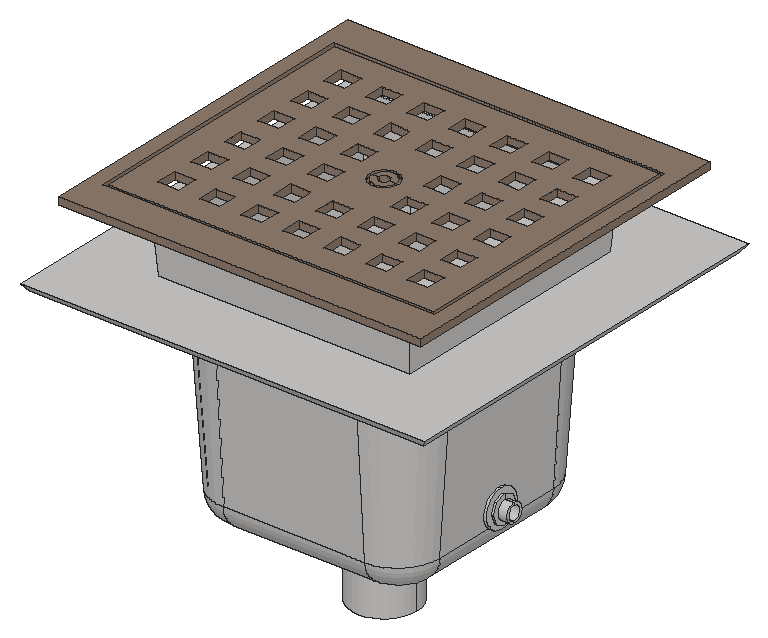
Revit family "xxxFloor_Drain-Can_Washing-J.R_Smith-Sani_Ceptor-3370_Series", category Plumbing Fixtures, Revit 2019
Family settings
  Round Connector Dimension = Use Diameter
  Part Type = Normal
  OmniClass Number = 23.70.50.21.24
  OmniClass Title = Waste Water Drains
  Work Plane-Based = Yes
  Always vertical = No
  Cut with Voids When Loaded = No
  Shared = Yes
  Room Calculation Point = No
Parameters (values of type "3370C02")
  Width = 12 1/2"
  Waste Connection = yes
  WFU = 0
  Vent Connection = no
  URL = "https://www.jrsmith.com/home"
  Tempered Water Connection = yes
  Radius-C = 2"
  Product Page URL = "https://www.jrsmith.com/product.aspx?ProductId=231"
  Product Documentation Link = "https://www.jrsmith.com/uploads/fileLibrary/d3370.pdf"
  Pipe Connection Size = 2"
  PB- Polished Bronze Rim and Grate = no
  NPT Connection Diameter = 1/2"
  Model = "3370C02"
  Material = "Metal-Jay R. Smith-Cast Iron"
  Manufacturer = "Jay R. Smith"
  Length = 12 1/2"
  LXH - Speedi-Set Extra Heavy = no
  L - Speedi-Set Service Weight = no
  Installation Type = "Floor Mounted"
  HWFU = 0
  HW Connection = no
  Finish- Rim and Grate = Metal-Jay R. Smith-Nickel Bronze
  Finish = Metal-Jay R. Smith-Cast Iron
  Description = "Sani-Ceptor® Can Washing Sanitary Floor Drains"
  Default Elevation = 0"
  Creation Date = "07/25/2022"
  Connection Type = "2\" Caulk Outlet Connection"
  CWFU = 0
  CW Connection = no
  C - flashing clamp = no
  Assembly Code = "D2030300"
Types (7): name | Pipe Connection Size | Model | Connection Type
  (no name) | 2" | "3370C02" | "2\" Caulk Outlet Connection"
  3370C02 | 2" | "3370C02" | "2\" Caulk Outlet Connection"
  3370C04 | 4" | "3370C04" | "4\" Caulk Outlet Connection"
  3370Y02 | 2" | "3370Y02" | "2\" No-Hub Outlet Connection"
  3370Y03 | 3" | "3370Y03" | "3\" No-Hub Outlet Connection"
  3370Y04 | 4" | "3370Y04" | "4\" No-Hub Outlet Connection"
  3370C03 | 3" | "3370C03" | "3\" Caulk Outlet Connection"
Reference planes (in)
  plane 1 "Center (Front/Back)": y = 0
  plane 2: z = 0
  plane 3 "Center (Left/Right)": x = 0
  plane 4: x = -6.25
  plane 5: x = 6.25
  plane 6: y = 6.25
  plane 7: y = -6.25
  plane 8: z = -2.375
  plane 9: z = -10
  plane 10: z = -12.75
  plane 11: x = -7
  plane 12: x = 7
  plane 13: y = 7
  plane 14: y = -7
  plane 15: x = -1
  plane 16: x = 1
  plane 17: z = 0.25
Forms (in)
  Sweep 1, solid, material "Metal-Jay R. Smith-Cast Iron" <- "Finish"
    path origin (0, 0, 0) x (1, 0, 0) y (0, 1, 0)
      loop
        line (-6.25, 6.25) -> (-6.25, -6.25) -> (6.25, -6.25) -> (6.25, 6.25) -> (-6.25, 6.25)
    profile origin (-6.25, 0, 0) x (1, 0, 0) y (0, 0, 1)
      loop
        line (2.37622, 0) -> (1.75, 0) -> (1.91608, -2.375) -> (-0.75, -2.375) -> (-0.57495, -2.625) -> (-0.19653, -2.625) -> (0.20556, -2.8125) -> (2.57289, -2.8125) -> (2.37622, 0)
  Extrusion 2, solid, material "Metal-Jay R. Smith-Nickel Bronze" <- "Finish- Rim and Grate"
    sketch origin (0, 0, 0) x (1, 0, 0) y (0, 1, 0)
      loop
        line (-6.25, 6.25) -> (-6.25, -6.25) -> (6.25, -6.25) -> (6.25, 6.25) -> (-6.25, 6.25)
    from 0 to 0.25
  Extrusion 3, void
    sketch origin (0, 0, 0) x (1, 0, 0) y (0, 1, 0)
      loop
        line (-5.75, 5) -> (-5.75, -5) -> (5.75, -5) -> (5.75, 5) -> (-5.75, 5)
      loop
        line (-5.625, 4.875) -> (-5.625, -4.875) -> (5.625, -4.875) -> (5.625, 4.875) -> (-5.625, 4.875)
      loop
        line (-4.67187, 3.95312) -> (-4.67187, 3.23437) -> (-3.95312, 3.23437) -> (-3.95312, 3.95312) -> (-4.67187, 3.95312)
      loop
        line (-3.23437, 3.95312) -> (-3.23437, 3.23437) -> (-2.51562, 3.23437) -> (-2.51562, 3.95312) -> (-3.23437, 3.95312)
      loop
        line (-1.79687, 3.95312) -> (-1.79687, 3.23437) -> (-1.07812, 3.23437) -> (-1.07812, 3.95312) -> (-1.79687, 3.95312)
      loop
        line (2.51563, 3.95312) -> (2.51563, 3.23437) -> (3.23438, 3.23437) -> (3.23438, 3.95312) -> (2.51563, 3.95312)
      loop
        line (1.79688, 3.95312) -> (1.07813, 3.95312) -> (1.07813, 3.23437) -> (1.79688, 3.23437) -> (1.79688, 3.95312)
      loop
        line (0.35938, 3.95312) -> (-0.35937, 3.95312) -> (-0.35937, 3.23437) -> (0.35938, 3.23437) -> (0.35938, 3.95312)
      loop
        line (3.95313, 3.95312) -> (3.95313, 3.23437) -> (4.67188, 3.23437) -> (4.67188, 3.95312) -> (3.95313, 3.95312)
      loop
        line (-4.67187, 2.51562) -> (-4.67187, 1.79687) -> (-3.95312, 1.79687) -> (-3.95312, 2.51562) -> (-4.67187, 2.51562)
      loop
        line (-3.23437, 2.51562) -> (-3.23437, 1.79687) -> (-2.51562, 1.79687) -> (-2.51562, 2.51562) -> (-3.23437, 2.51562)
      loop
        line (-1.79687, 2.51562) -> (-1.79687, 1.79687) -> (-1.07812, 1.79687) -> (-1.07812, 2.51562) -> (-1.79687, 2.51562)
      loop
        line (2.51563, 2.51562) -> (2.51563, 1.79687) -> (3.23438, 1.79687) -> (3.23438, 2.51562) -> (2.51563, 2.51562)
      loop
        line (1.79688, 2.51562) -> (1.07813, 2.51562) -> (1.07813, 1.79687) -> (1.79688, 1.79687) -> (1.79688, 2.51562)
      loop
        line (0.35938, 2.51562) -> (-0.35937, 2.51562) -> (-0.35937, 1.79687) -> (0.35938, 1.79687) -> (0.35938, 2.51562)
      loop
        line (3.95313, 2.51562) -> (3.95313, 1.79687) -> (4.67188, 1.79687) -> (4.67188, 2.51562) -> (3.95313, 2.51562)
      loop
        line (-4.67187, 1.07812) -> (-4.67187, 0.35937) -> (-3.95312, 0.35937) -> (-3.95312, 1.07812) -> (-4.67187, 1.07812)
      loop
        line (-3.23437, 1.07812) -> (-3.23437, 0.35937) -> (-2.51562, 0.35937) -> (-2.51562, 1.07812) -> (-3.23437, 1.07812)
      loop
        line (-1.79687, 1.07812) -> (-1.79687, 0.35937) -> (-1.07812, 0.35937) -> (-1.07812, 1.07812) -> (-1.79687, 1.07812)
      loop
        line (2.51563, 1.07812) -> (2.51563, 0.35937) -> (3.23438, 0.35937) -> (3.23438, 1.07812) -> (2.51563, 1.07812)
      loop
        line (1.79688, 1.07812) -> (1.07813, 1.07812) -> (1.07813, 0.35937) -> (1.79688, 0.35937) -> (1.79688, 1.07812)
      loop
        line (3.95313, 1.07812) -> (3.95313, 0.35937) -> (4.67188, 0.35937) -> (4.67188, 1.07812) -> (3.95313, 1.07812)
      loop
        line (-4.67187, -1.07813) -> (-3.95312, -1.07813) -> (-3.95312, -0.35938) -> (-4.67187, -0.35938) -> (-4.67187, -1.07813)
      loop
        line (-3.23437, -1.07813) -> (-2.51562, -1.07813) -> (-2.51562, -0.35938) -> (-3.23437, -0.35938) -> (-3.23437, -1.07813)
      loop
        line (-1.79687, -1.07813) -> (-1.07812, -1.07813) -> (-1.07812, -0.35938) -> (-1.79687, -0.35938) -> (-1.79687, -1.07813)
      loop
        line (2.51563, -1.07813) -> (3.23438, -1.07813) -> (3.23438, -0.35938) -> (2.51563, -0.35938) -> (2.51563, -1.07813)
      loop
        line (1.79688, -1.07813) -> (1.79688, -0.35938) -> (1.07813, -0.35938) -> (1.07813, -1.07813) -> (1.79688, -1.07813)
      loop
        line (3.95313, -1.07813) -> (4.67188, -1.07813) -> (4.67188, -0.35938) -> (3.95313, -0.35938) -> (3.95313, -1.07813)
      loop
        line (-4.67187, -2.51563) -> (-3.95312, -2.51563) -> (-3.95312, -1.79688) -> (-4.67187, -1.79688) -> (-4.67187, -2.51563)
      loop
        line (-3.23437, -2.51563) -> (-2.51562, -2.51563) -> (-2.51562, -1.79688) -> (-3.23437, -1.79688) -> (-3.23437, -2.51563)
      loop
        line (-1.79687, -2.51563) -> (-1.07812, -2.51563) -> (-1.07812, -1.79688) -> (-1.79687, -1.79688) -> (-1.79687, -2.51563)
      loop
        line (2.51563, -2.51563) -> (3.23438, -2.51563) -> (3.23438, -1.79688) -> (2.51563, -1.79688) -> (2.51563, -2.51563)
      loop
        line (1.79688, -2.51563) -> (1.79688, -1.79688) -> (1.07813, -1.79688) -> (1.07813, -2.51563) -> (1.79688, -2.51563)
      loop
        line (0.35938, -2.51563) -> (0.35938, -1.79688) -> (-0.35937, -1.79688) -> (-0.35937, -2.51563) -> (0.35938, -2.51563)
      loop
        line (3.95313, -2.51563) -> (4.67188, -2.51563) -> (4.67188, -1.79688) -> (3.95313, -1.79688) -> (3.95313, -2.51563)
      loop
        line (-4.67187, -3.23438) -> (-4.67187, -3.95313) -> (-3.95312, -3.95313) -> (-3.95312, -3.23438) -> (-4.67187, -3.23438)
      loop
        line (-3.23437, -3.23438) -> (-3.23437, -3.95313) -> (-2.51562, -3.95313) -> (-2.51562, -3.23438) -> (-3.23437, -3.23438)
      loop
        line (-1.79687, -3.23438) -> (-1.79687, -3.95313) -> (-1.07812, -3.95313) -> (-1.07812, -3.23438) -> (-1.79687, -3.23438)
      loop
        line (2.51563, -3.23438) -> (2.51563, -3.95313) -> (3.23438, -3.95313) -> (3.23438, -3.23438) -> (2.51563, -3.23438)
      loop
        line (1.79688, -3.23438) -> (1.07813, -3.23438) -> (1.07813, -3.95313) -> (1.79688, -3.95313) -> (1.79688, -3.23438)
      loop
        line (0.35938, -3.23438) -> (-0.35937, -3.23438) -> (-0.35937, -3.95313) -> (0.35938, -3.95313) -> (0.35938, -3.23438)
      loop
        line (3.95313, -3.23438) -> (3.95313, -3.95313) -> (4.67188, -3.95313) -> (4.67188, -3.23438) -> (3.95313, -3.23438)
      loop
        circle (0, 0) r 0.5
    from 0 to 0.79251
  Revolve 4, solid, material "Metal-Jay R. Smith-Cast Iron" <- "Finish"
    sketch origin (0, 0, 0) x (1, 0, 0) y (0, 0, 1)
      loop
        line (-1, -10) -> (-1.66553, -10) -> (-1.125, -10.54053) -> (-1.125, -12.75) -> (-1, -12.75) -> (-1, -10)
      axis (0, -10) -> (0, -12.75)
    angle from 0 to 360
  Revolve 5, solid, material "Metal-Jay R. Smith-Cast Iron" <- "Finish"
    sketch origin (-0.05469, 0, -0.38281) x (1, 0, 0) y (0, 0, 1)
      loop
        line (3.67643, -8.38792) -> (3.67643, -8.7814) -> (4.12253, -8.7814) -> (4.12253, -8.6452) -> (4.23004, -8.6452) -> (4.23004, -8.45042) -> (4.55078, -8.45042) -> (4.55078, -8.38792) -> (3.67643, -8.38792)
      axis (3.67643, -8.13792) -> (4.55078, -8.13792)
    angle from 0 to 360
  Extrusion 6, void
    sketch origin (4.17536, 0, -8.52074) x (0, 0, 1) y (0, 1, 0)
      loop
        circle (0, 0) r 0.58387
      loop
        line (0.47748, 0) -> (0.33763, 0.33763) -> (0, 0.47748) -> (-0.33763, 0.33763) -> (-0.47748, 0) -> (-0.33763, -0.33763) -> (0, -0.47748) -> (0.33763, -0.33763) -> (0.47748, 0)
    from 0 to 0.10751
  Sweep 7, solid, material "Metal-Jay R. Smith-Cast Iron" <- "Finish"
    path origin (-3.67711, 3.67711, -2.8125) x (-1, 0, 0) y (0, -1, 0)
      loop
        arc (0.77289, 6.12711) -> (0.1871, 7.54132) -> (-1.22711, 8.12711) r 2
        line (-1.22711, 8.12711) -> (-6.12711, 8.12711)
        arc (-6.12711, 8.12711) -> (-7.54132, 7.54132) -> (-8.12711, 6.12711) r 2
        line (-8.12711, 6.12711) -> (-8.12711, 1.22711)
        arc (-8.12711, 1.22711) -> (-7.54132, -0.1871) -> (-6.12711, -0.77289) r 2
        line (-6.12711, -0.77289) -> (-1.22711, -0.77289)
        arc (-1.22711, -0.77289) -> (0.1871, -0.1871) -> (0.77289, 1.22711) r 2
        line (0.77289, 1.22711) -> (0.77289, 6.12711)
    profile origin (-4.45, 0, -2.8125) x (-1, 0, 0) y (0, 0, 1)
      loop
        arc (-1.55119, -7.1875) -> (-0.86919, -6.91885) -> (-0.55363, -6.25726) r 1
        line (-0.55363, -6.25726) -> (-0.11608, 0) -> (-0.24138, 0) -> (-0.67832, -6.24854)
        arc (-0.67832, -6.24854) -> (-0.95444, -6.82743) -> (-1.55119, -7.0625) r 0.875
        line (-1.55119, -7.0625) -> (-1.73165, -7.0625) -> (-1.73165, -7.1875) -> (-1.55119, -7.1875)
  Extrusion 8, solid, material "Metal-Jay R. Smith-Cast Iron" <- "Finish"
    sketch origin (-2.89881, -2.45, -10) x (1, 0, 0) y (0, -1, 0)
      loop
        arc (0.18046, -4.9) -> (0.25906, -5.08975) -> (0.44881, -5.16835) r 0.26835
        line (0.44881, -5.16835) -> (5.34881, -5.16835)
        arc (5.34881, -5.16835) -> (5.53856, -5.08975) -> (5.61716, -4.9) r 0.26835
        line (5.61716, -4.9) -> (5.61716, 0)
        arc (5.61716, 0) -> (5.53856, 0.18975) -> (5.34881, 0.26835) r 0.26835
        line (5.34881, 0.26835) -> (0.44881, 0.26835)
        arc (0.44881, 0.26835) -> (0.25906, 0.18975) -> (0.18046, 0) r 0.26835
        line (0.18046, 0) -> (0.18046, -4.9)
      loop
        circle (2.89881, -2.45) r 1.66553
    from 0 to -0.125
  Revolve 9, solid, material "Metal-Jay R. Smith-Nickel Bronze" <- "Finish- Rim and Grate"
    sketch origin (0, 0, 0) x (1, 0, 0) y (0, 0, 1)
      loop
        line (-0.51562, 0) -> (-0.18564, 0) -> (-0.18564, 0.25) -> (-0.40625, 0.25) -> (-0.51562, 0.14062) -> (-0.51562, 0)
      axis (0, 0) -> (0, 0.25)
    angle from 0 to 360
Cuts and joins
  Extrusion 3 cuts Sweep 1
  Extrusion 6 cuts Revolve 5
  joined: Revolve 5, Sweep 7, Extrusion 8
  Extrusion 3 cuts Extrusion 2
Lines and regions (in)
  Masking region 1
    outline origin (0, 0, 0) x (1, 0, 0) y (0, 1, 0)
      loop
        line (7, 7) -> (-7, 7) -> (-7, -7) -> (7, -7) -> (7, 7)
  symbolic lines, detail levels medium+fine
    curve 1: line (-4.67187, 3.23437, 0) -> (-4.67187, 3.95312, 0)
    curve 2: line (-4.67187, 3.95312, 0) -> (-3.95312, 3.95312, 0)
    curve 3: line (-3.95312, 3.95312, 0) -> (-3.95312, 3.23437, 0)
    curve 4: line (-3.95312, 3.23437, 0) -> (-4.67187, 3.23437, 0)
    curve 5: line (-3.23437, 3.23437, 0) -> (-3.23437, 3.95312, 0)
    curve 6: line (-3.23437, 3.95312, 0) -> (-2.51562, 3.95312, 0)
    curve 7: line (-2.51562, 3.95312, 0) -> (-2.51562, 3.23437, 0)
    curve 8: line (-2.51562, 3.23437, 0) -> (-3.23437, 3.23437, 0)
    curve 9: line (-1.79687, 3.23437, 0) -> (-1.79687, 3.95312, 0)
    curve 10: line (-1.79687, 3.95312, 0) -> (-1.07812, 3.95312, 0)
    curve 11: line (-1.07812, 3.95312, 0) -> (-1.07812, 3.23437, 0)
    curve 12: line (-1.07812, 3.23437, 0) -> (-1.79687, 3.23437, 0)
    curve 13: line (-0.35937, 3.23437, 0) -> (-0.35937, 3.95312, 0)
    curve 14: line (-0.35937, 3.95312, 0) -> (0.35938, 3.95312, 0)
    curve 15: line (0.35938, 3.95312, 0) -> (0.35938, 3.23437, 0)
    curve 16: line (0.35938, 3.23437, 0) -> (-0.35937, 3.23437, 0)
    curve 17: line (1.07813, 3.23437, 0) -> (1.07813, 3.95312, 0)
    curve 18: line (1.07813, 3.95312, 0) -> (1.79688, 3.95312, 0)
    curve 19: line (1.79688, 3.95312, 0) -> (1.79688, 3.23437, 0)
    curve 20: line (1.79688, 3.23437, 0) -> (1.07813, 3.23437, 0)
    curve 21: line (2.51563, 3.23437, 0) -> (2.51563, 3.95312, 0)
    curve 22: line (2.51563, 3.95312, 0) -> (3.23438, 3.95312, 0)
    curve 23: line (3.23438, 3.95312, 0) -> (3.23438, 3.23437, 0)
    curve 24: line (3.23438, 3.23437, 0) -> (2.51563, 3.23437, 0)
    curve 25: line (3.95313, 3.95312, 0) -> (4.67188, 3.95312, 0)
    curve 26: line (4.67188, 3.95312, 0) -> (4.67188, 3.23437, 0)
    curve 27: line (4.67188, 3.23437, 0) -> (3.95313, 3.23437, 0)
    curve 28: line (3.95313, 3.23437, 0) -> (3.95313, 3.95312, 0)
    curve 29: line (-4.67187, 1.79687, 0) -> (-4.67187, 2.51562, 0)
    curve 30: line (-4.67187, 2.51562, 0) -> (-3.95312, 2.51562, 0)
    curve 31: line (-3.95312, 2.51562, 0) -> (-3.95312, 1.79687, 0)
    curve 32: line (-3.95312, 1.79687, 0) -> (-4.67187, 1.79687, 0)
    curve 33: line (-4.67187, 0.35937, 0) -> (-4.67187, 1.07812, 0)
    curve 34: line (-4.67187, 1.07812, 0) -> (-3.95312, 1.07812, 0)
    curve 35: line (-3.95312, 1.07812, 0) -> (-3.95312, 0.35937, 0)
    curve 36: line (-3.95312, 0.35937, 0) -> (-4.67187, 0.35937, 0)
    curve 37: line (-4.67187, -1.07813, 0) -> (-4.67187, -0.35938, 0)
    curve 38: line (-4.67187, -0.35938, 0) -> (-3.95312, -0.35938, 0)
    curve 39: line (-3.95312, -0.35938, 0) -> (-3.95312, -1.07813, 0)
    curve 40: line (-3.95312, -1.07813, 0) -> (-4.67187, -1.07813, 0)
    curve 41: line (-4.67187, -2.51563, 0) -> (-4.67187, -1.79688, 0)
    curve 42: line (-4.67187, -1.79688, 0) -> (-3.95312, -1.79688, 0)
    curve 43: line (-3.95312, -1.79688, 0) -> (-3.95312, -2.51563, 0)
    curve 44: line (-3.95312, -2.51563, 0) -> (-4.67187, -2.51563, 0)
    curve 45: line (-4.67187, -3.95313, 0) -> (-4.67187, -3.23438, 0)
    curve 46: line (-4.67187, -3.23438, 0) -> (-3.95312, -3.23438, 0)
    curve 47: line (-3.95312, -3.23438, 0) -> (-3.95312, -3.95313, 0)
    curve 48: line (-3.95312, -3.95313, 0) -> (-4.67187, -3.95313, 0)
    curve 49: line (-3.23437, -3.23438, 0) -> (-2.51562, -3.23438, 0)
    curve 50: line (-2.51562, -3.23438, 0) -> (-2.51562, -3.95313, 0)
    curve 51: line (-2.51562, -3.95313, 0) -> (-3.23437, -3.95313, 0)
    curve 52: line (-3.23437, -3.95313, 0) -> (-3.23437, -3.23438, 0)
    curve 53: line (-3.23437, -1.79688, 0) -> (-2.51562, -1.79688, 0)
    curve 54: line (-2.51562, -1.79688, 0) -> (-2.51562, -2.51563, 0)
    curve 55: line (-2.51562, -2.51563, 0) -> (-3.23437, -2.51563, 0)
    curve 56: line (-3.23437, -2.51563, 0) -> (-3.23437, -1.79688, 0)
    curve 57: line (-3.23437, -0.35938, 0) -> (-2.51562, -0.35938, 0)
    curve 58: line (-2.51562, -0.35938, 0) -> (-2.51562, -1.07813, 0)
    curve 59: line (-2.51562, -1.07813, 0) -> (-3.23437, -1.07813, 0)
    curve 60: line (-3.23437, -1.07813, 0) -> (-3.23437, -0.35938, 0)
    curve 61: line (-3.23437, 1.07812, 0) -> (-2.51562, 1.07812, 0)
    curve 62: line (-2.51562, 1.07812, 0) -> (-2.51562, 0.35937, 0)
    curve 63: line (-2.51562, 0.35937, 0) -> (-3.23437, 0.35937, 0)
    curve 64: line (-3.23437, 0.35937, 0) -> (-3.23437, 1.07812, 0)
    curve 65: line (-3.23437, 2.51562, 0) -> (-2.51562, 2.51562, 0)
    curve 66: line (-2.51562, 2.51562, 0) -> (-2.51562, 1.79687, 0)
    curve 67: line (-2.51562, 1.79687, 0) -> (-3.23437, 1.79687, 0)
    curve 68: line (-3.23437, 1.79687, 0) -> (-3.23437, 2.51562, 0)
    curve 69: line (-1.79687, 2.51562, 0) -> (-1.07812, 2.51562, 0)
    curve 70: line (-1.07812, 2.51562, 0) -> (-1.07812, 1.79687, 0)
    curve 71: line (-1.07812, 1.79687, 0) -> (-1.79687, 1.79687, 0)
    curve 72: line (-1.79687, 1.79687, 0) -> (-1.79687, 2.51562, 0)
    curve 73: line (-1.79687, 0.35937, 0) -> (-1.79687, 1.07812, 0)
    curve 74: line (-1.79687, 1.07812, 0) -> (-1.07812, 1.07812, 0)
    curve 75: line (-1.07812, 1.07812, 0) -> (-1.07812, 0.35937, 0)
    curve 76: line (-1.07812, 0.35937, 0) -> (-1.79687, 0.35937, 0)
    curve 77: line (-1.79687, -1.07813, 0) -> (-1.79687, -0.35938, 0)
    curve 78: line (-1.79687, -0.35938, 0) -> (-1.07812, -0.35938, 0)
    curve 79: line (-1.07812, -0.35938, 0) -> (-1.07812, -1.07813, 0)
    curve 80: line (-1.07812, -1.07813, 0) -> (-1.79687, -1.07813, 0)
    curve 81: line (-1.79687, -2.51563, 0) -> (-1.79687, -1.79688, 0)
    curve 82: line (-1.79687, -1.79688, 0) -> (-1.07812, -1.79688, 0)
    curve 83: line (-1.07812, -1.79688, 0) -> (-1.07812, -2.51563, 0)
    curve 84: line (-1.07812, -2.51563, 0) -> (-1.79687, -2.51563, 0)
    curve 85: line (-1.79687, -3.95313, 0) -> (-1.79687, -3.23438, 0)
    curve 86: line (-1.79687, -3.23438, 0) -> (-1.07812, -3.23438, 0)
    curve 87: line (-1.07812, -3.23438, 0) -> (-1.07812, -3.95313, 0)
    curve 88: line (-1.07812, -3.95313, 0) -> (-1.79687, -3.95313, 0)
    curve 89: line (-0.35937, -3.95313, 0) -> (-0.35937, -3.23438, 0)
    curve 90: line (-0.35937, -3.23438, 0) -> (0.35938, -3.23438, 0)
    curve 91: line (0.35938, -3.23438, 0) -> (0.35938, -3.95313, 0)
    curve 92: line (0.35938, -3.95313, 0) -> (-0.35937, -3.95313, 0)
    curve 93: line (-0.35937, -2.51563, 0) -> (-0.35937, -1.79688, 0)
    curve 94: line (-0.35937, -1.79688, 0) -> (0.35938, -1.79688, 0)
    curve 95: line (0.35938, -1.79688, 0) -> (0.35938, -2.51563, 0)
    curve 96: line (0.35938, -2.51563, 0) -> (-0.35937, -2.51563, 0)
    curve 97: line (1.07813, -3.95313, 0) -> (1.07813, -3.23438, 0)
    curve 98: line (1.07813, -3.23438, 0) -> (1.79688, -3.23438, 0)
    curve 99: line (1.79688, -3.23438, 0) -> (1.79688, -3.95313, 0)
    curve 100: line (1.79688, -3.95313, 0) -> (1.07813, -3.95313, 0)
    curve 101: line (1.07813, -2.51563, 0) -> (1.07813, -1.79688, 0)
    curve 102: line (1.07813, -1.79688, 0) -> (1.79688, -1.79688, 0)
    curve 103: line (1.79688, -1.79688, 0) -> (1.79688, -2.51563, 0)
    curve 104: line (1.79688, -2.51563, 0) -> (1.07813, -2.51563, 0)
    curve 105: line (1.07813, -1.07813, 0) -> (1.07813, -0.35938, 0)
    curve 106: line (1.07813, -0.35938, 0) -> (1.79688, -0.35938, 0)
    curve 107: line (1.79688, -0.35938, 0) -> (1.79688, -1.07813, 0)
    curve 108: line (1.79688, -1.07813, 0) -> (1.07813, -1.07813, 0)
    curve 109: line (1.07813, 0.35937, 0) -> (1.07813, 1.07812, 0)
    curve 110: line (1.07813, 1.07812, 0) -> (1.79688, 1.07812, 0)
    curve 111: line (1.79688, 1.07812, 0) -> (1.79688, 0.35937, 0)
    curve 112: line (1.79688, 0.35937, 0) -> (1.07813, 0.35937, 0)
    curve 113: line (-0.35937, 1.79687, 0) -> (-0.35937, 2.51562, 0)
    curve 114: line (-0.35937, 2.51562, 0) -> (0.35938, 2.51562, 0)
    curve 115: line (0.35938, 2.51562, 0) -> (0.35938, 1.79687, 0)
    curve 116: line (0.35938, 1.79687, 0) -> (-0.35937, 1.79687, 0)
    curve 117: line (1.07813, 1.79687, 0) -> (1.07813, 2.51562, 0)
    curve 118: line (1.07813, 2.51562, 0) -> (1.79688, 2.51562, 0)
    curve 119: line (1.79688, 2.51562, 0) -> (1.79688, 1.79687, 0)
    curve 120: line (1.79688, 1.79687, 0) -> (1.07813, 1.79687, 0)
    curve 121: line (2.51563, 1.79687, 0) -> (2.51563, 2.51562, 0)
    curve 122: line (2.51563, 2.51562, 0) -> (3.23438, 2.51562, 0)
    curve 123: line (3.23438, 2.51562, 0) -> (3.23438, 1.79687, 0)
    curve 124: line (3.23438, 1.79687, 0) -> (2.51563, 1.79687, 0)
    curve 125: line (2.51563, 0.35937, 0) -> (2.51563, 1.07812, 0)
    curve 126: line (2.51563, 1.07812, 0) -> (3.23438, 1.07812, 0)
    curve 127: line (3.23438, 1.07812, 0) -> (3.23438, 0.35937, 0)
    curve 128: line (3.23438, 0.35937, 0) -> (2.51563, 0.35937, 0)
    curve 129: line (2.51563, -1.07813, 0) -> (2.51563, -0.35938, 0)
    curve 130: line (2.51563, -0.35938, 0) -> (3.23438, -0.35938, 0)
    curve 131: line (3.23438, -0.35938, 0) -> (3.23438, -1.07813, 0)
    curve 132: line (3.23438, -1.07813, 0) -> (2.51563, -1.07813, 0)
    curve 133: line (2.51563, -2.51563, 0) -> (2.51563, -1.79688, 0)
    curve 134: line (2.51563, -1.79688, 0) -> (3.23438, -1.79688, 0)
    curve 135: line (3.23438, -1.79688, 0) -> (3.23438, -2.51563, 0)
    curve 136: line (3.23438, -2.51563, 0) -> (2.51563, -2.51563, 0)
    curve 137: line (2.51563, -3.95313, 0) -> (2.51563, -3.23438, 0)
    curve 138: line (2.51563, -3.23438, 0) -> (3.23438, -3.23438, 0)
    curve 139: line (3.23438, -3.23438, 0) -> (3.23438, -3.95313, 0)
    curve 140: line (3.23438, -3.95313, 0) -> (2.51563, -3.95313, 0)
    curve 141: line (4.67188, -3.95313, 0) -> (3.95313, -3.95313, 0)
    curve 142: line (3.95313, -3.95313, 0) -> (3.95313, -3.23438, 0)
    curve 143: line (3.95313, -3.23438, 0) -> (4.67188, -3.23438, 0)
    curve 144: line (4.67188, -3.23438, 0) -> (4.67188, -3.95313, 0)
    curve 145: line (4.67188, -1.79688, 0) -> (4.67188, -2.51563, 0)
    curve 146: line (4.67188, -2.51563, 0) -> (3.95313, -2.51563, 0)
    curve 147: line (3.95313, -2.51563, 0) -> (3.95313, -1.79688, 0)
    curve 148: line (3.95313, -1.79688, 0) -> (4.67188, -1.79688, 0)
    curve 149: line (4.67188, -0.35938, 0) -> (4.67188, -1.07813, 0)
    curve 150: line (4.67188, -1.07813, 0) -> (3.95313, -1.07813, 0)
    curve 151: line (3.95313, -1.07813, 0) -> (3.95313, -0.35938, 0)
    curve 152: line (3.95313, -0.35938, 0) -> (4.67188, -0.35938, 0)
    curve 153: line (4.67188, 1.07812, 0) -> (4.67188, 0.35937, 0)
    curve 154: line (4.67188, 0.35937, 0) -> (3.95313, 0.35937, 0)
    curve 155: line (3.95313, 0.35937, 0) -> (3.95313, 1.07812, 0)
    curve 156: line (3.95313, 1.07812, 0) -> (4.67188, 1.07812, 0)
    curve 157: line (4.67188, 2.51562, 0) -> (4.67188, 1.79687, 0)
    curve 158: line (4.67188, 1.79687, 0) -> (3.95313, 1.79687, 0)
    curve 159: line (3.95313, 1.79687, 0) -> (3.95313, 2.51562, 0)
    curve 160: line (3.95313, 2.51562, 0) -> (4.67188, 2.51562, 0)
    curve 161: circle (0, 0, 0) r 0.5 normal (0, 0, 1)
  symbolic lines, detail levels fine
    curve 162: circle (0, 0, 0) r 0.40625 normal (0, 0, 1)
    curve 163: circle (0, 0, 0) r 0.18564 normal (0, 0, -1)
    curve 164: line (-5.75, -5, 0) -> (-5.75, 5, 0)
    curve 165: line (-5.75, 5, 0) -> (5.75, 5, 0)
    curve 166: line (5.75, 5, 0) -> (5.75, -5, 0)
    curve 167: line (5.75, -5, 0) -> (-5.75, -5, 0)
    curve 168: line (-5.625, 4.875, 0) -> (-5.625, -4.875, 0)
    curve 169: line (-5.625, -4.875, 0) -> (5.625, -4.875, 0)
    curve 170: line (5.625, -4.875, 0) -> (5.625, 4.875, 0)
    curve 171: line (5.625, 4.875, 0) -> (-5.625, 4.875, 0)
Dimensions and locks (in)
  equal spacing: plane 4, plane 3 "Center (Left/Right)", plane 5
  "Width": plane 4 to plane 5
  equal spacing: plane 6, plane 1 "Center (Front/Back)", plane 7
  "Length": plane 6 to plane 7
  level to plane 8 = 2 3/8"
  level to plane 9 = 10"
  plane 9 to plane 10 = 2 3/4"
  plane 11 to plane 12 = 14"
  equal spacing: plane 11, plane 3 "Center (Left/Right)", plane 12
  equal spacing: plane 13, plane 1 "Center (Front/Back)", plane 14
  plane 13 to plane 14 = 14"
  equal spacing: plane 16, plane 3 "Center (Left/Right)", plane 15
  "Pipe Connection Size": plane 16 to plane 15
  Revolve 4 sketch curve to Revolve 4 sketch curve to Revolve 4 sketch curve = 0.54053" locked, 1/8" locked
  plane 3 "Center (Left/Right)" to Sweep 7 sketch curve to Sweep 7 sketch curve to Sweep 7 sketch curve to Sweep 7 sketch curve to Sweep 7 sketch curve to Sweep 7 sketch curve = 2.71835" locked, 0.18046" locked, 0.87287" locked, 0.1247" locked, 0.31224" locked, 0.12531" locked
  locked: plane 3 "Center (Left/Right)" to Sweep 7 sketch curve at 2.89881
  locked: plane 4 to Sweep 7 sketch curve at 1.8
  locked: Sweep 7 sketch curve to plane 5 at 1.8
  locked: Sweep 7 sketch curve to plane 7 at 1.8
  locked: Sweep 7 sketch curve to plane 6 at 1.8
  plane 17 to level = 1/4"
  Extrusion 3 sketch curve to Extrusion 3 sketch curve to plane 3 "Center (Left/Right)" to Extrusion 3 sketch curve to Extrusion 3 sketch curve = 1/8" locked, 5 5/8" locked, 5 5/8" locked, 1/8" locked
  Extrusion 3 sketch curve to Extrusion 3 sketch curve to plane 1 "Center (Front/Back)" to Extrusion 3 sketch curve to Extrusion 3 sketch curve = 1/8" locked, 4 7/8" locked, 4 7/8" locked, 1/8" locked
  cut or joined group of Extrusion 2, Extrusion 3 to cut or joined group of Extrusion 2, Extrusion 3 = 9 3/4"
  cut or joined group of Extrusion 2, Extrusion 3 to cut or joined group of Extrusion 2, Extrusion 3 = 11 1/4"
  Extrusion 3 sketch curve to Extrusion 3 sketch curve to Extrusion 3 sketch curve to Extrusion 3 sketch curve to Extrusion 3 sketch curve to Extrusion 3 sketch curve to Extrusion 3 sketch curve to plane 3 "Center (Left/Right)" to Extrusion 3 sketch curve to Extrusion 3 sketch curve to Extrusion 3 sketch curve to Extrusion 3 sketch curve to Extrusion 3 sketch curve to Extrusion 3 sketch curve to Extrusion 3 sketch curve = 23/32" locked, 23/32" locked, 23/32" locked, 23/32" locked, 23/32" locked, 23/32" locked, 23/64" locked, 23/64" locked, 23/32" locked, 23/32" locked, 23/32" locked, 23/32" locked, 23/32" locked, 23/32" locked
  "Radius-C": radius of Sweep 7 sketch curve  (x4)
  aligned and locked: Sweep 1 sketch curve to plane 4
  aligned and locked: Sweep 1 sketch curve to plane 7
  aligned and locked: Sweep 1 sketch curve to plane 5
  aligned and locked: Sweep 1 sketch curve to plane 6
  aligned and locked: Sweep 1 sketch curve to plane 8
  aligned and locked: Extrusion 2 sketch curve to plane 4
  aligned and locked: Extrusion 2 sketch curve to plane 6
  aligned and locked: Extrusion 2 sketch curve to plane 7
  aligned and locked: Extrusion 2 sketch curve to plane 5
  aligned and locked: Revolve 4 sketch curve to plane 15
  aligned and locked: Revolve 4 sketch curve to plane 10
  aligned and locked: Revolve 4 sketch curve to plane 9
  aligned and locked: Extrusion 8 sketch curve to cut or joined group of Revolve 5, Extrusion 6, Sweep 7, Extrusion 8  (x4)
  aligned and locked: Extrusion 8 sketch curve to Revolve 4
  aligned and locked: cut or joined group of Revolve 5, Extrusion 6, Sweep 7, Extrusion 8 to Extrusion 8
  aligned and locked: Masking region 1 sketch curve to cut or joined group of Sweep 1, Extrusion 3  (x4)
  aligned and locked: Extrusion 3 sketch curve to Extrusion 3 sketch curve  (x40)
  aligned and locked: plane 3 "Center (Left/Right)" to Extrusion 3 sketch curve
  aligned and locked: plane 1 "Center (Front/Back)" to Extrusion 3 sketch curve
  aligned and locked: curve 1 to cut or joined group of Extrusion 2, Extrusion 3
  aligned and locked: curve 2 to cut or joined group of Extrusion 2, Extrusion 3
  aligned and locked: curve 3 to cut or joined group of Extrusion 2, Extrusion 3
  aligned and locked: curve 4 to cut or joined group of Extrusion 2, Extrusion 3
  aligned and locked: curve 5 to cut or joined group of Extrusion 2, Extrusion 3
  aligned and locked: curve 6 to cut or joined group of Extrusion 2, Extrusion 3
  aligned and locked: curve 7 to cut or joined group of Extrusion 2, Extrusion 3
  aligned and locked: curve 8 to cut or joined group of Extrusion 2, Extrusion 3
  aligned and locked: curve 9 to cut or joined group of Extrusion 2, Extrusion 3
  aligned and locked: curve 10 to cut or joined group of Extrusion 2, Extrusion 3
  aligned and locked: curve 11 to cut or joined group of Extrusion 2, Extrusion 3
  aligned and locked: curve 12 to cut or joined group of Extrusion 2, Extrusion 3
  aligned and locked: curve 13 to cut or joined group of Extrusion 2, Extrusion 3
  aligned and locked: curve 14 to cut or joined group of Extrusion 2, Extrusion 3
  aligned and locked: curve 15 to cut or joined group of Extrusion 2, Extrusion 3
  aligned and locked: curve 16 to cut or joined group of Extrusion 2, Extrusion 3
  aligned and locked: curve 17 to cut or joined group of Extrusion 2, Extrusion 3
  aligned and locked: curve 18 to cut or joined group of Extrusion 2, Extrusion 3
  aligned and locked: curve 19 to cut or joined group of Extrusion 2, Extrusion 3
  aligned and locked: curve 20 to cut or joined group of Extrusion 2, Extrusion 3
  aligned and locked: curve 21 to cut or joined group of Extrusion 2, Extrusion 3
  aligned and locked: curve 22 to cut or joined group of Extrusion 2, Extrusion 3
  aligned and locked: curve 23 to cut or joined group of Extrusion 2, Extrusion 3
  aligned and locked: curve 24 to cut or joined group of Extrusion 2, Extrusion 3
  aligned and locked: curve 25 to cut or joined group of Extrusion 2, Extrusion 3
  aligned and locked: curve 26 to cut or joined group of Extrusion 2, Extrusion 3
  aligned and locked: curve 27 to cut or joined group of Extrusion 2, Extrusion 3
  aligned and locked: curve 28 to cut or joined group of Extrusion 2, Extrusion 3
  aligned and locked: curve 29 to cut or joined group of Extrusion 2, Extrusion 3
  aligned and locked: curve 30 to cut or joined group of Extrusion 2, Extrusion 3
  aligned and locked: curve 31 to cut or joined group of Extrusion 2, Extrusion 3
  aligned and locked: curve 32 to cut or joined group of Extrusion 2, Extrusion 3
  aligned and locked: curve 33 to cut or joined group of Extrusion 2, Extrusion 3
  aligned and locked: curve 34 to cut or joined group of Extrusion 2, Extrusion 3
  aligned and locked: curve 35 to cut or joined group of Extrusion 2, Extrusion 3
  aligned and locked: curve 36 to cut or joined group of Extrusion 2, Extrusion 3
  aligned and locked: curve 37 to cut or joined group of Extrusion 2, Extrusion 3
  aligned and locked: curve 38 to cut or joined group of Extrusion 2, Extrusion 3
  aligned and locked: curve 39 to cut or joined group of Extrusion 2, Extrusion 3
  aligned and locked: curve 40 to cut or joined group of Extrusion 2, Extrusion 3
  aligned and locked: curve 41 to cut or joined group of Extrusion 2, Extrusion 3
  aligned and locked: curve 42 to cut or joined group of Extrusion 2, Extrusion 3
  aligned and locked: curve 43 to cut or joined group of Extrusion 2, Extrusion 3
  aligned and locked: curve 44 to cut or joined group of Extrusion 2, Extrusion 3
  aligned and locked: curve 45 to cut or joined group of Extrusion 2, Extrusion 3
  aligned and locked: curve 46 to cut or joined group of Extrusion 2, Extrusion 3
  aligned and locked: curve 47 to cut or joined group of Extrusion 2, Extrusion 3
  aligned and locked: curve 48 to cut or joined group of Extrusion 2, Extrusion 3
  aligned and locked: curve 49 to cut or joined group of Extrusion 2, Extrusion 3
  aligned and locked: curve 50 to cut or joined group of Extrusion 2, Extrusion 3
  aligned and locked: curve 51 to cut or joined group of Extrusion 2, Extrusion 3
  aligned and locked: curve 52 to cut or joined group of Extrusion 2, Extrusion 3
  aligned and locked: curve 53 to cut or joined group of Extrusion 2, Extrusion 3
  aligned and locked: curve 54 to cut or joined group of Extrusion 2, Extrusion 3
  aligned and locked: curve 55 to cut or joined group of Extrusion 2, Extrusion 3
  aligned and locked: curve 56 to cut or joined group of Extrusion 2, Extrusion 3
  aligned and locked: curve 57 to cut or joined group of Extrusion 2, Extrusion 3
  aligned and locked: curve 58 to cut or joined group of Extrusion 2, Extrusion 3
  aligned and locked: curve 59 to cut or joined group of Extrusion 2, Extrusion 3
  aligned and locked: curve 60 to cut or joined group of Extrusion 2, Extrusion 3
  aligned and locked: curve 61 to cut or joined group of Extrusion 2, Extrusion 3
  aligned and locked: curve 62 to cut or joined group of Extrusion 2, Extrusion 3
  aligned and locked: curve 63 to cut or joined group of Extrusion 2, Extrusion 3
  aligned and locked: curve 64 to cut or joined group of Extrusion 2, Extrusion 3
  aligned and locked: curve 65 to cut or joined group of Extrusion 2, Extrusion 3
  aligned and locked: curve 66 to cut or joined group of Extrusion 2, Extrusion 3
  aligned and locked: curve 67 to cut or joined group of Extrusion 2, Extrusion 3
  aligned and locked: curve 68 to cut or joined group of Extrusion 2, Extrusion 3
  aligned and locked: curve 69 to cut or joined group of Extrusion 2, Extrusion 3
  aligned and locked: curve 70 to cut or joined group of Extrusion 2, Extrusion 3
  aligned and locked: curve 71 to cut or joined group of Extrusion 2, Extrusion 3
  aligned and locked: curve 72 to cut or joined group of Extrusion 2, Extrusion 3
  aligned and locked: curve 73 to cut or joined group of Extrusion 2, Extrusion 3
  aligned and locked: curve 74 to cut or joined group of Extrusion 2, Extrusion 3
  aligned and locked: curve 75 to cut or joined group of Extrusion 2, Extrusion 3
  aligned and locked: curve 76 to cut or joined group of Extrusion 2, Extrusion 3
  aligned and locked: curve 77 to cut or joined group of Extrusion 2, Extrusion 3
  aligned and locked: curve 78 to cut or joined group of Extrusion 2, Extrusion 3
  aligned and locked: curve 79 to cut or joined group of Extrusion 2, Extrusion 3
  aligned and locked: curve 80 to cut or joined group of Extrusion 2, Extrusion 3
  aligned and locked: curve 81 to cut or joined group of Extrusion 2, Extrusion 3
  aligned and locked: curve 82 to cut or joined group of Extrusion 2, Extrusion 3
  aligned and locked: curve 83 to cut or joined group of Extrusion 2, Extrusion 3
  aligned and locked: curve 84 to cut or joined group of Extrusion 2, Extrusion 3
  aligned and locked: curve 85 to cut or joined group of Extrusion 2, Extrusion 3
  aligned and locked: curve 86 to cut or joined group of Extrusion 2, Extrusion 3
  aligned and locked: curve 87 to cut or joined group of Extrusion 2, Extrusion 3
  aligned and locked: curve 88 to cut or joined group of Extrusion 2, Extrusion 3
  aligned and locked: curve 89 to cut or joined group of Extrusion 2, Extrusion 3
  aligned and locked: curve 90 to cut or joined group of Extrusion 2, Extrusion 3
  aligned and locked: curve 91 to cut or joined group of Extrusion 2, Extrusion 3
  aligned and locked: curve 92 to cut or joined group of Extrusion 2, Extrusion 3
  aligned and locked: curve 93 to cut or joined group of Extrusion 2, Extrusion 3
  aligned and locked: curve 94 to cut or joined group of Extrusion 2, Extrusion 3
  aligned and locked: curve 95 to cut or joined group of Extrusion 2, Extrusion 3
  aligned and locked: curve 96 to cut or joined group of Extrusion 2, Extrusion 3
  aligned and locked: curve 97 to cut or joined group of Extrusion 2, Extrusion 3
  aligned and locked: curve 98 to cut or joined group of Extrusion 2, Extrusion 3
  aligned and locked: curve 99 to cut or joined group of Extrusion 2, Extrusion 3
  aligned and locked: curve 100 to cut or joined group of Extrusion 2, Extrusion 3
  aligned and locked: curve 101 to cut or joined group of Extrusion 2, Extrusion 3
  aligned and locked: curve 102 to cut or joined group of Extrusion 2, Extrusion 3
  aligned and locked: curve 103 to cut or joined group of Extrusion 2, Extrusion 3
  aligned and locked: curve 104 to cut or joined group of Extrusion 2, Extrusion 3
  aligned and locked: curve 105 to cut or joined group of Extrusion 2, Extrusion 3
  aligned and locked: curve 106 to cut or joined group of Extrusion 2, Extrusion 3
  aligned and locked: curve 107 to cut or joined group of Extrusion 2, Extrusion 3
  aligned and locked: curve 108 to cut or joined group of Extrusion 2, Extrusion 3
  aligned and locked: curve 109 to cut or joined group of Extrusion 2, Extrusion 3
  aligned and locked: curve 110 to cut or joined group of Extrusion 2, Extrusion 3
  aligned and locked: curve 111 to cut or joined group of Extrusion 2, Extrusion 3
  aligned and locked: curve 112 to cut or joined group of Extrusion 2, Extrusion 3
  aligned and locked: curve 113 to cut or joined group of Extrusion 2, Extrusion 3
  aligned and locked: curve 114 to cut or joined group of Extrusion 2, Extrusion 3
  aligned and locked: curve 115 to cut or joined group of Extrusion 2, Extrusion 3
  aligned and locked: curve 116 to cut or joined group of Extrusion 2, Extrusion 3
  aligned and locked: curve 117 to cut or joined group of Extrusion 2, Extrusion 3
  aligned and locked: curve 118 to cut or joined group of Extrusion 2, Extrusion 3
  aligned and locked: curve 119 to cut or joined group of Extrusion 2, Extrusion 3
  aligned and locked: curve 120 to cut or joined group of Extrusion 2, Extrusion 3
  aligned and locked: curve 121 to cut or joined group of Extrusion 2, Extrusion 3
  aligned and locked: curve 122 to cut or joined group of Extrusion 2, Extrusion 3
  aligned and locked: curve 123 to cut or joined group of Extrusion 2, Extrusion 3
  aligned and locked: curve 124 to cut or joined group of Extrusion 2, Extrusion 3
  aligned and locked: curve 125 to cut or joined group of Extrusion 2, Extrusion 3
  aligned and locked: curve 126 to cut or joined group of Extrusion 2, Extrusion 3
  aligned and locked: curve 127 to cut or joined group of Extrusion 2, Extrusion 3
  aligned and locked: curve 128 to cut or joined group of Extrusion 2, Extrusion 3
  aligned and locked: curve 129 to cut or joined group of Extrusion 2, Extrusion 3
  aligned and locked: curve 130 to cut or joined group of Extrusion 2, Extrusion 3
  aligned and locked: curve 131 to cut or joined group of Extrusion 2, Extrusion 3
  aligned and locked: curve 132 to cut or joined group of Extrusion 2, Extrusion 3
  aligned and locked: curve 133 to cut or joined group of Extrusion 2, Extrusion 3
  aligned and locked: curve 134 to cut or joined group of Extrusion 2, Extrusion 3
  aligned and locked: curve 135 to cut or joined group of Extrusion 2, Extrusion 3
  aligned and locked: curve 136 to cut or joined group of Extrusion 2, Extrusion 3
  aligned and locked: curve 137 to cut or joined group of Extrusion 2, Extrusion 3
  aligned and locked: curve 138 to cut or joined group of Extrusion 2, Extrusion 3
  aligned and locked: curve 139 to cut or joined group of Extrusion 2, Extrusion 3
  aligned and locked: curve 140 to cut or joined group of Extrusion 2, Extrusion 3
  aligned and locked: curve 141 to cut or joined group of Extrusion 2, Extrusion 3
  aligned and locked: curve 142 to cut or joined group of Extrusion 2, Extrusion 3
  aligned and locked: curve 143 to cut or joined group of Extrusion 2, Extrusion 3
  aligned and locked: curve 144 to cut or joined group of Extrusion 2, Extrusion 3
  aligned and locked: curve 145 to cut or joined group of Extrusion 2, Extrusion 3
  aligned and locked: curve 146 to cut or joined group of Extrusion 2, Extrusion 3
  aligned and locked: curve 147 to cut or joined group of Extrusion 2, Extrusion 3
  aligned and locked: curve 148 to cut or joined group of Extrusion 2, Extrusion 3
  aligned and locked: curve 149 to cut or joined group of Extrusion 2, Extrusion 3
  aligned and locked: curve 150 to cut or joined group of Extrusion 2, Extrusion 3
  aligned and locked: curve 151 to cut or joined group of Extrusion 2, Extrusion 3
  aligned and locked: curve 152 to cut or joined group of Extrusion 2, Extrusion 3
  aligned and locked: curve 153 to cut or joined group of Extrusion 2, Extrusion 3
  aligned and locked: curve 154 to cut or joined group of Extrusion 2, Extrusion 3
  aligned and locked: curve 155 to cut or joined group of Extrusion 2, Extrusion 3
  aligned and locked: curve 156 to cut or joined group of Extrusion 2, Extrusion 3
  aligned and locked: curve 157 to cut or joined group of Extrusion 2, Extrusion 3
  aligned and locked: curve 158 to cut or joined group of Extrusion 2, Extrusion 3
  aligned and locked: curve 159 to cut or joined group of Extrusion 2, Extrusion 3
  aligned and locked: curve 160 to cut or joined group of Extrusion 2, Extrusion 3
  aligned and locked: curve 161 to cut or joined group of Extrusion 2, Extrusion 3
  aligned and locked: curve 162 to Revolve 9
  aligned and locked: curve 163 to Revolve 9
  aligned and locked: curve 164 to cut or joined group of Extrusion 2, Extrusion 3
  aligned and locked: curve 165 to cut or joined group of Extrusion 2, Extrusion 3
  aligned and locked: curve 166 to cut or joined group of Extrusion 2, Extrusion 3
  aligned and locked: curve 167 to cut or joined group of Extrusion 2, Extrusion 3
  aligned and locked: curve 168 to cut or joined group of Extrusion 2, Extrusion 3
  aligned and locked: curve 169 to cut or joined group of Extrusion 2, Extrusion 3
  aligned and locked: curve 170 to cut or joined group of Extrusion 2, Extrusion 3
  aligned and locked: curve 171 to cut or joined group of Extrusion 2, Extrusion 3
Automatic sketch dimensions
  Revolve 4 sketch curve to plane 3 "Center (Left/Right)" = 0"
  plane 10 to Revolve 4 sketch curve = 1"
  Revolve 4 sketch curve to Revolve 4 sketch curve = 0.45947"
  Revolve 4 sketch curve to plane 9 = 0.54053"
  plane 9 to Revolve 5 sketch curve = 0.83579"
  Revolve 5 sketch curve to plane 5 = 2.62826"
  Revolve 5 sketch curve to Revolve 5 sketch curve = 0.4461"
  Revolve 5 sketch curve to Revolve 5 sketch curve = 0.32074"
  Revolve 5 sketch curve to Revolve 5 sketch curve = 0.1362"
  Revolve 5 sketch curve to Revolve 5 sketch curve = 0.27553"
  Revolve 5 sketch curve to plane 5 = 0.90378"
  Revolve 5 sketch curve to Revolve 5 sketch curve = 0.10751"
  Revolve 5 sketch curve to Revolve 5 sketch curve = 0.19477"
  Revolve 5 sketch curve to Revolve 5 sketch curve = 1/4"
  Revolve 5 sketch curve to Revolve 5 sketch curve = 1/16"
  Sweep 1 sketch curve to level = 0"
  profile plane to Sweep 1 sketch curve = 3/4"
  Sweep 1 sketch curve to Sweep 1 sketch curve = 0.17505"
  profile plane to Sweep 1 sketch curve = 0.19653"
  Sweep 1 sketch curve to profile plane = 0.20556"
  Sweep 1 sketch curve to profile plane = 1 3/4"
  Sweep 1 sketch curve to Sweep 1 sketch curve = 1.71051"
  Sweep 1 sketch curve to Sweep 1 sketch curve = 0.62622"
  Sweep 1 sketch curve to Sweep 1 sketch curve = 0.65681"
  Sweep 1 sketch curve to Sweep 1 sketch curve = 1/4"
  Sweep 1 sketch curve to Sweep 1 sketch curve = 3/16"
  Sweep 7 sketch curve to Sweep 7 sketch curve = 0"
  Sweep 7 sketch curve to profile plane = 0"
  Sweep 7 sketch curve to profile plane = 6 3/16"
  Sweep 7 sketch curve to Sweep 7 sketch curve = 0.06104"
  Sweep 7 sketch curve to Sweep 7 sketch curve = 0.00872"
  Revolve 9 sketch curve to plane 3 "Center (Left/Right)" = 0"
  Revolve 9 sketch curve to level = 0"
  Revolve 9 sketch curve to plane 3 "Center (Left/Right)" = 0.18564"
  Revolve 9 sketch curve to Revolve 9 sketch curve = 0.32998"
  Revolve 9 sketch curve to plane 17 = 7/64"
  Revolve 9 sketch curve to Revolve 9 sketch curve = 7/64"
  plane 17 to Revolve 9 sketch curve = 0.32147"
  Revolve 9 sketch curve to Revolve 9 sketch curve = 0.40436"
  Revolve 9 sketch curve to plane 17 = 0"
  plane 4 to Extrusion 3 sketch curve = 1 37/64"  (x2)
  Extrusion 3 sketch curve to Extrusion 3 sketch curve = 0"  (x23)
  plane 1 "Center (Front/Back)" to Extrusion 3 sketch curve = 23/64"  (x6)
  Extrusion 3 sketch curve to Extrusion 3 sketch curve = 23/32"  (x60)
  Extrusion 3 sketch curve to plane 1 "Center (Front/Back)" = 23/64"  (x6)
  Extrusion 3 sketch curve to plane 3 "Center (Left/Right)" = 23/64"  (x3)
  plane 3 "Center (Left/Right)" to Extrusion 3 sketch curve = 23/64"  (x3)
  plane 7 to Extrusion 3 sketch curve = 2 19/64"  (x2)
  Extrusion 3 sketch curve to Extrusion 3 sketch curve = 59/64"
  plane 4 to curve 1 = 1 37/64"
  curve 1 to curve 3 = 23/32"
  curve 4 to plane 6 = 3 1/64"
  curve 4 to curve 3 = 23/32"
  curve 3 to curve 5 = 23/32"
  curve 7 to plane 15 = 1 33/64"
  curve 3 to curve 8 = 0"
  curve 2 to curve 5 = 0"
  curve 9 to plane 15 = 51/64"
  curve 9 to curve 11 = 23/32"
  curve 7 to curve 12 = 0"
  curve 6 to curve 9 = 0"
  curve 13 to plane 3 "Center (Left/Right)" = 23/64"
  plane 3 "Center (Left/Right)" to curve 15 = 23/64"
  curve 11 to curve 16 = 0"
  curve 10 to curve 13 = 0"
  curve 15 to curve 17 = 23/32"
  curve 19 to plane 16 = 51/64"
  curve 15 to curve 20 = 0"
  curve 14 to curve 17 = 0"
  curve 21 to plane 16 = 1 33/64"
  curve 21 to curve 23 = 23/32"
  curve 19 to curve 24 = 0"
  curve 18 to curve 21 = 0"
  curve 22 to curve 28 = 23/32"
  curve 27 to curve 27 = 23/32"
  curve 23 to curve 27 = 0"
  curve 22 to curve 25 = 0"
  curve 30 to curve 1 = 0"
  curve 29 to curve 32 = 23/32"
  curve 30 to curve 3 = 23/32"
  curve 29 to curve 29 = 23/32"
  curve 34 to curve 29 = 0"
  curve 35 to plane 1 "Center (Front/Back)" = 23/64"
  curve 33 to curve 35 = 23/32"
  curve 33 to curve 29 = 23/32"
  curve 38 to curve 33 = 0"
  curve 40 to curve 39 = 23/32"
  plane 1 "Center (Front/Back)" to curve 38 = 23/64"
  curve 40 to curve 37 = 23/32"
  curve 42 to curve 37 = 0"
  curve 43 to curve 39 = 0"
  curve 42 to curve 37 = 23/32"
  curve 44 to curve 41 = 23/32"
  curve 46 to curve 41 = 0"
  curve 45 to curve 48 = 23/32"
  curve 46 to curve 41 = 23/32"
  curve 48 to curve 46 = 23/32"
  curve 47 to curve 52 = 23/32"
  curve 49 to curve 50 = 23/32"
  curve 47 to curve 52 = 0"
  curve 51 to curve 50 = 23/32"
  curve 42 to curve 56 = 23/32"
  curve 56 to curve 54 = 23/32"
  curve 49 to curve 55 = 23/32"
  curve 55 to curve 56 = 23/32"
  plane 1 "Center (Front/Back)" to curve 60 = 23/64"
  curve 38 to curve 60 = 23/32"
  curve 60 to curve 57 = 23/32"
  curve 53 to curve 59 = 23/32"
  curve 34 to curve 64 = 23/32"
  curve 63 to plane 1 "Center (Front/Back)" = 23/64"
  curve 63 to curve 57 = 0"
  curve 62 to curve 62 = 23/32"
  curve 30 to curve 68 = 23/32"
  curve 65 to curve 7 = 0"
  curve 31 to curve 68 = 0"
  curve 66 to curve 7 = 23/32"
  curve 72 to curve 9 = 0"
  curve 70 to plane 15 = 5/64"
  curve 71 to curve 11 = 1 7/16"
  curve 72 to curve 9 = 23/32"
  curve 76 to plane 1 "Center (Front/Back)" = 23/64"
  curve 62 to curve 76 = 23/32"
  curve 74 to plane 15 = 5/64"
  curve 61 to curve 74 = 0"
  curve 77 to curve 73 = 0"
  curve 80 to plane 15 = 5/64"
  plane 1 "Center (Front/Back)" to curve 79 = 1 5/64"
  plane 1 "Center (Front/Back)" to curve 79 = 23/64"
  curve 54 to curve 84 = 23/32"
  curve 82 to plane 15 = 5/64"
  curve 54 to curve 81 = 0"
  curve 53 to curve 81 = 0"
  curve 50 to curve 88 = 23/32"
  curve 88 to plane 15 = 5/64"
  curve 88 to curve 83 = 1 7/16"
  curve 87 to curve 86 = 23/32"
  curve 89 to plane 3 "Center (Left/Right)" = 23/64"
  plane 3 "Center (Left/Right)" to curve 91 = 23/64"
  curve 87 to curve 91 = 0"
  curve 89 to curve 89 = 23/32"
  curve 94 to plane 3 "Center (Left/Right)" = 23/64"
  plane 3 "Center (Left/Right)" to curve 95 = 23/64"
  curve 89 to curve 96 = 23/32"
  curve 95 to curve 95 = 23/32"
  curve 97 to plane 16 = 5/64"
  curve 97 to curve 99 = 23/32"
  curve 91 to curve 100 = 0"
  curve 99 to curve 99 = 23/32"
  curve 101 to plane 16 = 5/64"
  curve 101 to curve 103 = 23/32"
  curve 97 to curve 101 = 23/32"
  curve 94 to curve 101 = 0"
  curve 105 to plane 16 = 5/64"
  plane 1 "Center (Front/Back)" to curve 107 = 23/64"
  curve 105 to curve 107 = 23/32"
  curve 101 to curve 108 = 23/32"
  curve 109 to plane 16 = 5/64"
  curve 112 to plane 1 "Center (Front/Back)" = 23/64"
  curve 112 to curve 106 = 0"
  curve 109 to curve 110 = 23/32"
  curve 113 to plane 3 "Center (Left/Right)" = 23/64"
  plane 3 "Center (Left/Right)" to curve 116 = 23/64"
  curve 70 to curve 113 = 0"
  curve 115 to curve 15 = 23/32"
  curve 117 to plane 16 = 5/64"
  curve 120 to curve 110 = 0"
  curve 115 to curve 120 = 0"
  curve 119 to curve 19 = 23/32"
  curve 121 to curve 21 = 0"
  curve 123 to curve 23 = 0"
  curve 119 to curve 121 = 0"
  curve 123 to curve 23 = 23/32"
  curve 128 to plane 1 "Center (Front/Back)" = 23/64"
  curve 111 to curve 128 = 23/32"
  curve 125 to curve 128 = 23/32"
  curve 125 to curve 121 = 23/32"
  curve 107 to curve 129 = 23/32"
  curve 129 to curve 132 = 23/32"
  curve 107 to curve 129 = 0"
  plane 1 "Center (Front/Back)" to curve 129 = 23/64"
  curve 103 to curve 133 = 23/32"
  curve 133 to curve 134 = 23/32"
  curve 103 to curve 133 = 0"
  curve 102 to curve 133 = 0"
  curve 99 to curve 137 = 23/32"
  curve 137 to curve 139 = 23/32"
  curve 99 to curve 139 = 0"
  curve 139 to curve 135 = 23/32"
  curve 138 to curve 143 = 23/32"
  curve 142 to curve 143 = 23/32"
  curve 139 to curve 144 = 0"
  curve 141 to curve 144 = 23/32"
  curve 134 to curve 148 = 23/32"
  curve 147 to curve 145 = 23/32"
  curve 143 to curve 145 = 23/32"
  curve 134 to curve 148 = 0"
  plane 1 "Center (Front/Back)" to curve 152 = 23/64"
  curve 130 to curve 152 = 23/32"
  curve 151 to curve 149 = 23/32"
  curve 145 to curve 149 = 23/32"
  curve 155 to plane 1 "Center (Front/Back)" = 23/64"
  curve 155 to curve 151 = 0"
  curve 155 to curve 153 = 23/32"
  curve 153 to curve 153 = 23/32"
  curve 122 to curve 160 = 23/32"
  curve 157 to curve 26 = 0"
  curve 123 to curve 159 = 0"
  curve 157 to curve 26 = 23/32"
  radius of Revolve 5 to Extrusion 6 sketch curve = 0.0766"
  radius of Extrusion 3 sketch curve = 1/2"
Connectors (in)
  piping at (4.49609, 0, -8.52074), diameter 0.5, driven by "NPT Connection Diameter"
    settings: on cut or joined group of Revolve 5, Extrusion 6, Sweep 7, Extrusion 8, index 1, connector inside diameter 24", connector length 0", flow factor 0, pipe flow 0 GPM, pressure drop 0.00 psi, fitting loss kfactor 0, connector angle 0.00°, fixture units 0, engagement length 0", angle of deflection 0.00°, flow configuration 0, flow direction 1, fitting loss method 0, system type 29, joint type 0, gender type 0, connector reference index -1, connector utility 0, adjustable connector no, is connector primary yes, connector description "1/2\" NPT Connection Supply Inlet"
  piping at (0, 0, -12.75), diameter 2, driven by "Pipe Connection Size", driven by "Connection Type"
    settings: on Revolve 4, index 2, connector inside diameter 24", connector length 0", flow factor 0, pipe flow 0 GPM, pressure drop 0.00 psi, fitting loss kfactor 0, connector angle 0.00°, fixture units 0, engagement length 0", angle of deflection 0.00°, flow configuration 0, flow direction 2, fitting loss method 0, system type 16, joint type 0, gender type 0, connector reference index -1, connector utility 0, adjustable connector no, is connector primary no, connector description "2\" Caulk Outlet Connection"
